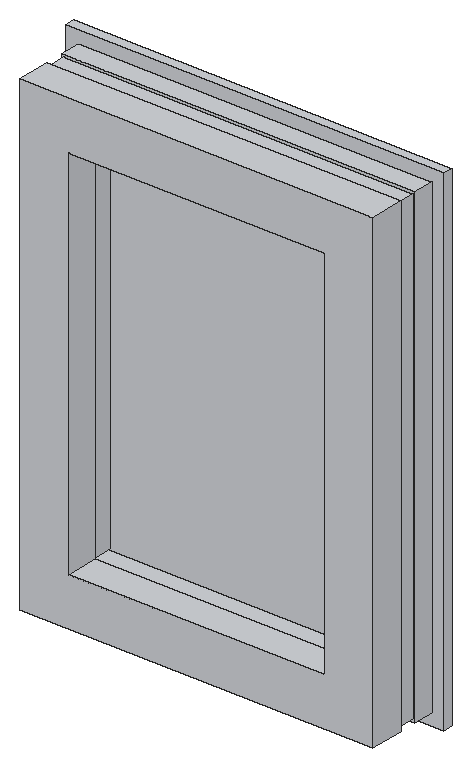
Revit family "R-TA-040", category Modèles génériques, Revit 2022
Family settings
  Hôte = Mur
  Peut héberger une armature = Non
  Cote de connecteur circulaire = Utiliser le diamètre
  Type d'élément = Normal
  Toujours verticalement = Oui
  Couper avec des vides une fois chargée = Non
  Conserver l'orientation des annotations = Non
  Partagée = Non
  Repère de localisation dans la pièce = Non
Parameters (values of type "TA-040")
  URL = "https://www.malerba.fr/produit/trappes-ei15-verticale-cadre-monobloc-mdf-38db"
  Sens_Feu = "Recto/Verso"
  Resistance_Feu = "E15-EI15"
  Repère [instance] = ""
  Reference_Commerciale = "T EI15 VAc"
  Panneau = none
  Option 2 [instance] = ""
  Option 1 [instance] = ""
  Note d'identification = "TRAPPES EI15 VERTICALE CADRE MONOBLOC MDF 38dB"
  Materiaux_Dominant = "MDF"
  Largeur Reservation = 300 mm
  Largeur /2 = Largeur Reservation / 2  # 150 mm
  Jeu hôte = 5 mm
  Jeu = 2 mm
  Huisserie = none
  Hauteur appuit = 1056.056 mm
  Hauteur Reservation = 400 mm
  Fiche_Produit = "TA-040"
  Fabricant = "MALERBA"
  Elévation par défaut = 0 mm
  Décalage panneau = 32 mm
  Description = "Trappe de visite 1 vantail verticale, EI15, 38(-1; -5) dB, avec cadre/huisserie monobloc MDF"
  Cylindre [instance] = ""
  Code_MAJ = ""
  Certification = ""
  Acoustique = "RW (C ; Ctr) = 38(-1 ; -5)"
Reference planes
  plane 1 "Mur": y = 0
  plane 2 "Centre (gauche/droite)": x = 125
  plane 3 "Arrière": y = 75
  plane 4: z = 1056.056
  plane 5: z = 1456.056
  plane 6: x = 275
  plane 7: x = -25
  plane 8: x = 243
  plane 9: x = 7
  plane 10: z = 1424.056
  plane 11: z = 1088.056
  plane 12: x = 245
  plane 13: x = 5
  plane 14: z = 1426.056
  plane 15: z = 1086.056
  plane 16: z = 1392.056
Forms (mm)
  Sweep 1, solid, material <- "Huisserie"
    path origin (0, 75, 0) x (1, 0, 0) y (0, 0, 1)
      loop
        line (275, 1456.056) -> (-25, 1456.056) -> (-25, 1056.056) -> (275, 1056.056) -> (275, 1456.056)
    profile "Profil trappes MDF : Profil trappes MDF" origin (125, 75, 1456.056) x (0, 0, -1) y (0, -1, 0)
      loop
        line (-5, -8) -> (30, -8) -> (30, 4) -> (25, 4) -> (25, 8) -> (44, 8) -> (44, 33) -> (45, 33) -> (45, 60) -> (5, 60) -> (5, 32) -> (7, 32) -> (7, 17) -> (5, 17) -> (5, 0) -> (-5, 0) -> (-5, -8)
  Extrusion 2, solid, material <- "Panneau"
    sketch origin (0, 75, 0) x (1, 0, 0) y (0, 0, 1)
      loop
        line (223, 1424.056) -> (27, 1424.056)
        arc (27, 1424.056) -> (12.858, 1418.198) -> (7, 1404.056) r 20
        line (7, 1404.056) -> (7, 1108.056)
        arc (7, 1108.056) -> (12.858, 1093.914) -> (27, 1088.056) r 20
        line (27, 1088.056) -> (223, 1088.056)
        arc (223, 1088.056) -> (237.142, 1093.914) -> (243, 1108.056) r 20
        line (243, 1108.056) -> (243, 1404.056)
        arc (243, 1404.056) -> (237.142, 1418.198) -> (223, 1424.056) r 20
    from -8 to 17
  Extrusion 3, void
    sketch origin (0, 75, 0) x (1, 0, 0) y (0, 0, 1)
      loop
        line (275, 1456.056) -> (-25, 1456.056) -> (-25, 1056.056) -> (275, 1056.056) -> (275, 1456.056)
    from -384.825 to 250
  Extrusion 4, void
    sketch origin (35.215, 75, -14.399) x (1, 0, 0) y (0, 0, 1)
      loop
        circle (89.785, 1406.455) r 9
    from -23.453 to 0
  Extrusion 5, solid, material <- "Huisserie"
    sketch origin (0, 75, 0) x (1, 0, 0) y (0, 0, 1)
      loop
        line (275, 1456.056) -> (-25, 1456.056) -> (-25, 1056.056) -> (275, 1056.056) -> (275, 1456.056)
    from -8 to 0
  Extrusion 6, void
    sketch origin (0, 75, 0) x (1, 0, 0) y (0, 0, 1)
      loop
        line (225, 1426.056) -> (25, 1426.056)
        arc (25, 1426.056) -> (10.858, 1420.198) -> (5, 1406.056) r 20
        line (5, 1406.056) -> (5, 1106.056)
        arc (5, 1106.056) -> (10.858, 1091.914) -> (25, 1086.056) r 20
        line (25, 1086.056) -> (225, 1086.056)
        arc (225, 1086.056) -> (239.142, 1091.914) -> (245, 1106.056) r 20
        line (245, 1106.056) -> (245, 1406.056)
        arc (245, 1406.056) -> (239.142, 1420.198) -> (225, 1426.056) r 20
    from -34.496 to 4
Cuts and joins
  Extrusion 4, Extrusion 6 cuts Sweep 1
  Extrusion 6 cuts Extrusion 5
  joined: Sweep 1, Extrusion 5
  Extrusion 4 cuts Extrusion 2
Text (mm)
  text "Côté de la mise en place" at (-1848.837, 1116.779, 0), in view "Niveau de réf."
  text "Côté de la mise en place" at (0, 1409.804, 2854.306), in view "Gauche"
  text "Côté de la mise en place" at (0, 499.811, 2980.732), in view "Droite"
Dimensions and locks
  locked: plane 3 "Arrière" to host wall
  "Hauteur appuit": level to plane 4
  "Hauteur Reservation": plane 4 to plane 5
  "Décalage panneau": plane 4 to plane 11
  "Décalage panneau": plane 7 to plane 9
  "Décalage panneau": plane 10 to plane 5
  "Jeu": plane 8 to plane 12
  "Jeu": plane 13 to plane 9
  "Jeu": plane 10 to plane 14
  "Jeu": plane 15 to plane 11
  locked: plane 16 to plane 5 at 64
  "Largeur /2": plane 6 to plane 2 "Centre (gauche/droite)"
  "Largeur /2": plane 2 "Centre (gauche/droite)" to plane 7
  "Décalage panneau": plane 8 to plane 6
  radius of Extrusion 6 sketch curve = 20 mm  (x2)
  aligned and locked: plane 1 "Mur" to host wall
  aligned and locked: Sweep 1 sketch curve to plane 5
  aligned and locked: Sweep 1 sketch curve to plane 7
  aligned and locked: plane 4 to Sweep 1 sketch curve
  aligned and locked: plane 6 to Sweep 1 sketch curve
  aligned and locked: Extrusion 2 sketch curve to plane 10
  aligned and locked: Extrusion 2 sketch curve to plane 9
  aligned and locked: plane 11 to Extrusion 2 sketch curve
  aligned and locked: plane 8 to Extrusion 2 sketch curve
  aligned and locked: Extrusion 3 sketch curve to plane 5
  aligned and locked: Extrusion 3 sketch curve to plane 7
  aligned and locked: plane 6 to Extrusion 3 sketch curve
  aligned and locked: plane 4 to Extrusion 3 sketch curve
  aligned and locked: Extrusion 5 sketch curve to plane 5
  aligned and locked: Extrusion 5 sketch curve to plane 7
  aligned and locked: plane 4 to Extrusion 5 sketch curve
  aligned and locked: plane 6 to Extrusion 5 sketch curve
  aligned and locked: cut or joined group of Sweep 1, Extrusion 4, Extrusion 5, Extrusion 6 to Extrusion 5
  aligned and locked: Extrusion 5 to host wall
  aligned and locked: Extrusion 6 sketch curve to plane 14
  aligned and locked: Extrusion 6 sketch curve to plane 13
  aligned and locked: plane 15 to Extrusion 6 sketch curve
  aligned and locked: Sweep 1 to Extrusion 6
  aligned and locked: plane 2 "Centre (gauche/droite)" to Extrusion 4 sketch curve
  aligned and locked: plane 16 to Extrusion 4 sketch curve
Automatic sketch dimensions
  Extrusion 2 sketch curve to plane 9 = 20 mm  (x2)
  plane 8 to Extrusion 2 sketch curve = 20 mm  (x2)
  plane 12 to Extrusion 6 sketch curve = 0 mm
  Extrusion 6 sketch curve to plane 9 = 18 mm
  plane 8 to Extrusion 6 sketch curve = 18 mm
  radius of Extrusion 4 sketch curve = 9 mm
